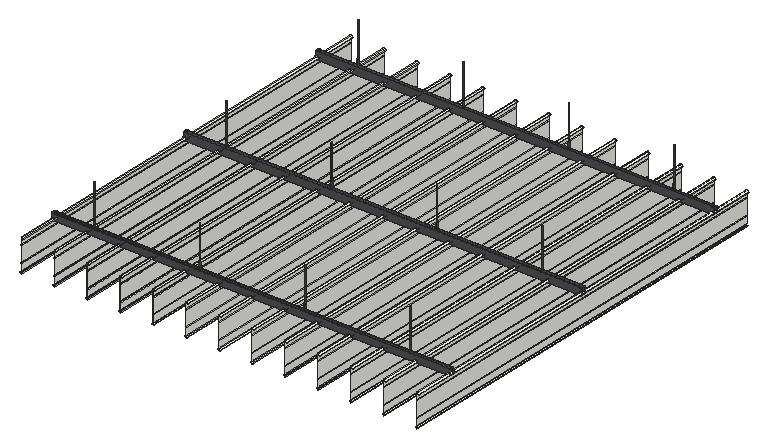
Revit family "FalsoTecho_THU_Lama-Verona", category Modelos genéricos, Revit 2016
Family settings
  Tipo de pieza = Normal
  Puede alojar armadura = No
  Cota de conector redondo = Diámetro de uso
  Número OmniClass = 23.35.70.24.11.17.14.11
  Título OmniClass = Metal Linear Ceilings
  Se basa en plano de trabajo = Sí
  Siempre vertical = No
  Corte con vacíos al cargar = Sí
  Compartido = No
  Punto de cálculo de habitación = No
Parameters (values of type "Aluminio_200mm")
  Tirantes_Separación real [instance] = (Rastrel_Longitud - (Tirante inicial_Distancia a borde * 2)) / (Tirantes_Recuento - 1)  # 639.333 mm
  Tirantes_Recuento [instance] = (Rastrel_Longitud - (Tirante inicial_Distancia a borde * 2)) / Tirante_Separación aproximada + 2  # 4
  Tirante_Separación aproximada [instance] = 1000 mm  # constant formula
  Tirante_Longitud [instance] = THU_Falso techo_Plenum altura  # 250 mm
  Tirante inicial_Distancia a borde [instance] = if(Rastrel_Longitud < 1500 mm, 25 mm, 250 mm)  # 250 mm
  THU_Velo = 1 > 2  # no
  THU_Subestructura_Material = "Acero galvanizado"
  THU_Subestructura_Color [instance] = THU_Negro-RAL9005
  THU_Reacción al fuego = "A2-s1, d0"
  THU_Rastrel = Rastrel_THU_U100 : 3.00x0.56x0.34
  THU_Lama_Material = "Aluminio"
  THU_Lama_Color [instance] = THU_Blanco-RAL9010
  THU_Lama = Lama_THU_Verona : Aluminio_200mm
  THU_Falso techo_Área [instance] = Lama_Longitud * Rastrel_Longitud  # 6.045 m²
  THU_Falso techo_Plenum altura [instance] = 250 mm
  THU_Falso techo_Longitud [instance] = 2500 mm
  THU_Falso techo_Anchura [instance] = 2500 mm
  THU_Falso techo_Altura libre [instance] = 2500 mm
  THU_Acabado = Acabado_THU_Lama-Verona : Liso
  Solape vertical_Lama y rastrel = 15 mm  # constant formula
  Rastreles_Separación [instance] = if(Lama_Longitud < 1000 mm, Lama_Longitud - 26 mm, 1000 mm)  # 1000 mm
  Rastreles_Recuento (ml) [instance] = Rastrel_Longitud * Rastreles_Recuento  # 7254 mm
  Rastreles_Recuento [instance] = if((THU_Falso techo_Longitud / Rastreles_Separación) < 2, 2, THU_Falso techo_Longitud / Rastreles_Separación)  # 3
  Rastrel_Longitud [instance] = Falso techo_Anchura aprox  # 2418 mm
  Rastrel_Anchura = 26 mm  # constant formula
  Rastrel_Altura = 41 mm  # constant formula
  Rastrel Inicial/Final_Separación [instance] = (THU_Falso techo_Longitud - (Rastreles_Separación * (Rastreles_Recuento - 1))) / 2  # 250 mm
  Página web del producto = "http://thu.es/producto/lama-verona/"
  Página web del fabricante = "http://thu.es/"
  País de fabricación = "España"
  País de diseño = "España"
  Paso de troquelado 50 [instance] = no
  Paso de troquelado 200 [instance] = yes
  Paso de troquelado 150 [instance] = no
  Paso de troquelado 100 [instance] = no
  Omniclass = "23.35.70.24.11.17.14.11"
  Número de edición (versión) = 1
  Nombre del objeto = "Lama Verona"
  NBS Reference Description = "Board suspended ceiling system"
  NBS Reference = "20-10-10/110"
  Marca = "THU"
  Manual de montaje = "http://thu.es/wp-content/uploads/manuals/MM-Techos-Lamas-Verona.pdf"
  Lamas_Separación [instance] = if(Paso de troquelado 50, 50 mm, if(Paso de troquelado 100, 100 mm, if(Paso de troquelado 150, 150 mm, if(Paso de troquelado 200, 200 mm, 200 mm))))  # 200 mm
  Lamas_Recuento (ml) [instance] = THU_Falso techo_Longitud * Lamas_Recuento  # 32500 mm
  Lamas_Recuento [instance] = THU_Falso techo_Anchura / Lamas_Separación  # 13
  Lama_Longitud [instance] = THU_Falso techo_Longitud  # 2500 mm
  Lama_Anchura = 18 mm
  Lama_Altura = 200 mm
  Lama Verona 50 = no
  Lama Verona 200 = yes
  Lama Verona 150 = no
  Lama Verona 100 = no
  IFC Classification = "Ceiling"
  Grupo del producto = "Lamas"
  Ficha técnica = "http://thu.es/wp-content/uploads/datasheets/ft-lamas-verona-thu.pdf"
  Ficha resumen = "http://thu.es/wp-content/uploads/datasheets/THU_Techos_metalicos_Lama_Verona.pdf"
  Fecha de publicación del objeto BIM = ""
  Famila del producto = "Techos metálicos"
  Falso techo_Grosor = Lama_Altura + Rastrel_Altura  # 241 mm
  Falso techo_Anchura aprox [instance] = Lamas_Separación * (Lamas_Recuento - 1) + Lama_Anchura  # 2418 mm
  Fabricante = "THU Perfil S.L."
  Default Elevation = 0 mm
  Descripción = "Falso techo metálico formado por lamas de aluminio prelacadas, encajadas en rastreles de paso de troquelado de 50 mm y colgadas del forjado superior mediante un sistema de varillas roscadas. Existe tres tipos de lama Verona según su altura en mm: Verona 100 y 150. Las lamas Verona tienen la peculiaridad de ir montadas en posición vertical al contrario que el resto del tipo de lamas formando un falso techo decorativo muy abierto."
  Declaración de prestaciones = "http://thu.es/wp-content/uploads/declarations/dp_lamas_verona.pdf"
  Comentarios de tipo = "Lamas Verona para techo suspendido, para ser montadas en interior de edificios con rastreles Veneto lacado en negro."
  COBie Type Category = "L387 : Suspended ceilings"
Types (4, lengths in mm): name | Tirantes_Separación real | THU_Lama | THU_Falso techo_Área | Rastreles_Recuento (ml) | Rastrel_Longitud | Paso de troquelado 50 | Paso de troquelado 200 | Paso de troquelado 150 | Paso de troquelado 100 | Lamas_Separación | Lamas_Recuento (ml) | Lamas_Recuento | Lama_Anchura | Lama_Altura | Lama Verona 50 | Lama Verona 200 | Lama Verona 150 | Lama Verona 100 | Falso techo_Grosor | Falso techo_Anchura aprox
  Aluminio_50mm | 654.2 | Lama_THU_Verona : Aluminio_50mm | 6.1565 m² | 7387.8 | 2462.6 | yes | no | no | no | 50 | 125000 | 50 | 12.6 | 50 | yes | no | no | no | 91 | 2462.6
  Aluminio_150mm | 639.333 | Lama_THU_Verona : Aluminio_150mm | 6.045 m² | 7254 | 2418 | no | no | yes | no | 150 | 42500 | 17 | 18 | 150 | no | no | yes | no | 191 | 2418
  Aluminio_100mm | 639.2 | Lama_THU_Verona : Aluminio_100mm | 6.044 m² | 7252.8 | 2417.6 | no | no | no | yes | 100 | 62500 | 25 | 17.6 | 100 | no | no | no | yes | 141 | 2417.6
  Aluminio_200mm | 639.333 | Lama_THU_Verona : Aluminio_200mm | 6.045 m² | 7254 | 2418 | no | yes | no | no | 200 | 32500 | 13 | 18 | 200 | no | yes | no | no | 241 | 2418
Reference planes
  plane 1 "Centro (Frontal/Posterior)": y = 0
  plane 2: z = 0
  plane 3 "Centro (Izquierda/Derecha)": x = 0
  plane 4 "Lamas_Límite inferior": z = 2500
  plane 5 "Rastreles_Límite inferior": z = 2685
  plane 6 "Rastreles_Límite superior": z = 2726
  plane 7 "Lamas_Límite superior": z = 2700
  plane 8 "Tirantes_Parte superior": z = 2976
  plane 9 "Falso techo_Límite derecho": x = 2500
  plane 10 "Falso techo_Límite superior": y = 2500
Dimensions and locks
  "Rastrel_Altura": plane 6 "Rastreles_Límite superior" to plane 5 "Rastreles_Límite inferior"
  "THU_Falso techo_Altura libre": level to plane 4 "Lamas_Límite inferior"
  "Lama_Altura": plane 7 "Lamas_Límite superior" to plane 4 "Lamas_Límite inferior"
  "Solape vertical_Lama y rastrel": plane 7 "Lamas_Límite superior" to plane 5 "Rastreles_Límite inferior"
  "THU_Falso techo_Plenum altura": plane 8 "Tirantes_Parte superior" to plane 6 "Rastreles_Límite superior"
  "THU_Falso techo_Longitud": plane 1 "Centro (Frontal/Posterior)" to plane 10 "Falso techo_Límite superior"
  "THU_Falso techo_Anchura": plane 3 "Centro (Izquierda/Derecha)" to plane 9 "Falso techo_Límite derecho"
  equal spacing: group 1, group 2, group 3, group 4, group 5, group 6, group 7, group 8, group 9, group 10, group 11, group 12, group 13  (x3)
  equal spacing: group 14, group 15, group 16  (x3)
  "Rastrel Inicial/Final_Separación": plane 1 "Centro (Frontal/Posterior)" to nested 14
  "Rastreles_Separación": nested 14 to nested 15
  "Lamas_Separación": nested 1 to nested 2
  aligned and locked: level to plane 2
  aligned and locked: plane 7 "Lamas_Límite superior" to nested 1  (x2)
  aligned and locked: plane 7 "Lamas_Límite superior" to nested 2
  aligned and locked: nested 14 to plane 5 "Rastreles_Límite inferior"
  aligned and locked: nested 15 to plane 5 "Rastreles_Límite inferior"
Nested families
  nested 1: "Lama_THU_Verona" at (6.378, 0, 2700), type <- "THU_Lama", Lama Verona 150 <- "Lama Verona 150", Lama Verona 200 <- "Lama Verona 200", Lama_Anchura <- "Lama_Anchura", Lama_Altura <- "Lama_Altura", Lama_Longitud <- "Lama_Longitud", THU_Color <- "THU_Lama_Color", THU_Material <- "THU_Lama_Material", Lama Verona 100 <- "Lama Verona 100", Lama Verona 50 <- "Lama Verona 50", type "Aluminio_200mm"
    with THU_Recuento (ml) 2500 mm, THU_Material "Aluminio", THU_Color THU_Blanco-RAL9010, Lama_Longitud 2500 mm, Lama_Anchura 18 mm, Lama_Altura 200 mm, Lama Verona 50 no, Lama Verona 200 yes, Lama Verona 150 no, Lama Verona 100 no
  nested 2: "Lama_THU_Verona" at (206.378, 0, 2700), type <- "THU_Lama", Lama Verona 150 <- "Lama Verona 150", Lama Verona 200 <- "Lama Verona 200", Lama_Anchura <- "Lama_Anchura", Lama_Altura <- "Lama_Altura", Lama_Longitud <- "Lama_Longitud", THU_Color <- "THU_Lama_Color", THU_Material <- "THU_Lama_Material", Lama Verona 100 <- "Lama Verona 100", Lama Verona 50 <- "Lama Verona 50", type "Aluminio_200mm"
    with THU_Recuento (ml) 2500 mm, THU_Material "Aluminio", THU_Color THU_Blanco-RAL9010, Lama_Longitud 2500 mm, Lama_Anchura 18 mm, Lama_Altura 200 mm, Lama Verona 50 no, Lama Verona 200 yes, Lama Verona 150 no, Lama Verona 100 no
  nested 3: "Lama_THU_Verona" at (406.378, 0, 2700), type <- "THU_Lama", Lama Verona 150 <- "Lama Verona 150", Lama Verona 200 <- "Lama Verona 200", Lama_Anchura <- "Lama_Anchura", Lama_Altura <- "Lama_Altura", Lama_Longitud <- "Lama_Longitud", THU_Color <- "THU_Lama_Color", THU_Material <- "THU_Lama_Material", Lama Verona 100 <- "Lama Verona 100", Lama Verona 50 <- "Lama Verona 50", type "Aluminio_200mm"
    with THU_Recuento (ml) 2500 mm, THU_Material "Aluminio", THU_Color THU_Blanco-RAL9010, Lama_Longitud 2500 mm, Lama_Anchura 18 mm, Lama_Altura 200 mm, Lama Verona 50 no, Lama Verona 200 yes, Lama Verona 150 no, Lama Verona 100 no
  nested 4: "Lama_THU_Verona" at (606.378, 0, 2700), type <- "THU_Lama", Lama Verona 150 <- "Lama Verona 150", Lama Verona 200 <- "Lama Verona 200", Lama_Anchura <- "Lama_Anchura", Lama_Altura <- "Lama_Altura", Lama_Longitud <- "Lama_Longitud", THU_Color <- "THU_Lama_Color", THU_Material <- "THU_Lama_Material", Lama Verona 100 <- "Lama Verona 100", Lama Verona 50 <- "Lama Verona 50", type "Aluminio_200mm"
    with THU_Recuento (ml) 2500 mm, THU_Material "Aluminio", THU_Color THU_Blanco-RAL9010, Lama_Longitud 2500 mm, Lama_Anchura 18 mm, Lama_Altura 200 mm, Lama Verona 50 no, Lama Verona 200 yes, Lama Verona 150 no, Lama Verona 100 no
  nested 5: "Lama_THU_Verona" at (806.378, 0, 2700), type <- "THU_Lama", Lama Verona 150 <- "Lama Verona 150", Lama Verona 200 <- "Lama Verona 200", Lama_Anchura <- "Lama_Anchura", Lama_Altura <- "Lama_Altura", Lama_Longitud <- "Lama_Longitud", THU_Color <- "THU_Lama_Color", THU_Material <- "THU_Lama_Material", Lama Verona 100 <- "Lama Verona 100", Lama Verona 50 <- "Lama Verona 50", type "Aluminio_200mm"
    with THU_Recuento (ml) 2500 mm, THU_Material "Aluminio", THU_Color THU_Blanco-RAL9010, Lama_Longitud 2500 mm, Lama_Anchura 18 mm, Lama_Altura 200 mm, Lama Verona 50 no, Lama Verona 200 yes, Lama Verona 150 no, Lama Verona 100 no
  nested 6: "Lama_THU_Verona" at (1006.378, 0, 2700), type <- "THU_Lama", Lama Verona 150 <- "Lama Verona 150", Lama Verona 200 <- "Lama Verona 200", Lama_Anchura <- "Lama_Anchura", Lama_Altura <- "Lama_Altura", Lama_Longitud <- "Lama_Longitud", THU_Color <- "THU_Lama_Color", THU_Material <- "THU_Lama_Material", Lama Verona 100 <- "Lama Verona 100", Lama Verona 50 <- "Lama Verona 50", type "Aluminio_200mm"
    with THU_Recuento (ml) 2500 mm, THU_Material "Aluminio", THU_Color THU_Blanco-RAL9010, Lama_Longitud 2500 mm, Lama_Anchura 18 mm, Lama_Altura 200 mm, Lama Verona 50 no, Lama Verona 200 yes, Lama Verona 150 no, Lama Verona 100 no
  nested 7: "Lama_THU_Verona" at (1206.378, 0, 2700), type <- "THU_Lama", Lama Verona 150 <- "Lama Verona 150", Lama Verona 200 <- "Lama Verona 200", Lama_Anchura <- "Lama_Anchura", Lama_Altura <- "Lama_Altura", Lama_Longitud <- "Lama_Longitud", THU_Color <- "THU_Lama_Color", THU_Material <- "THU_Lama_Material", Lama Verona 100 <- "Lama Verona 100", Lama Verona 50 <- "Lama Verona 50", type "Aluminio_200mm"
    with THU_Recuento (ml) 2500 mm, THU_Material "Aluminio", THU_Color THU_Blanco-RAL9010, Lama_Longitud 2500 mm, Lama_Anchura 18 mm, Lama_Altura 200 mm, Lama Verona 50 no, Lama Verona 200 yes, Lama Verona 150 no, Lama Verona 100 no
  nested 8: "Lama_THU_Verona" at (1406.378, 0, 2700), type <- "THU_Lama", Lama Verona 150 <- "Lama Verona 150", Lama Verona 200 <- "Lama Verona 200", Lama_Anchura <- "Lama_Anchura", Lama_Altura <- "Lama_Altura", Lama_Longitud <- "Lama_Longitud", THU_Color <- "THU_Lama_Color", THU_Material <- "THU_Lama_Material", Lama Verona 100 <- "Lama Verona 100", Lama Verona 50 <- "Lama Verona 50", type "Aluminio_200mm"
    with THU_Recuento (ml) 2500 mm, THU_Material "Aluminio", THU_Color THU_Blanco-RAL9010, Lama_Longitud 2500 mm, Lama_Anchura 18 mm, Lama_Altura 200 mm, Lama Verona 50 no, Lama Verona 200 yes, Lama Verona 150 no, Lama Verona 100 no
  nested 9: "Lama_THU_Verona" at (1606.378, 0, 2700), type <- "THU_Lama", Lama Verona 150 <- "Lama Verona 150", Lama Verona 200 <- "Lama Verona 200", Lama_Anchura <- "Lama_Anchura", Lama_Altura <- "Lama_Altura", Lama_Longitud <- "Lama_Longitud", THU_Color <- "THU_Lama_Color", THU_Material <- "THU_Lama_Material", Lama Verona 100 <- "Lama Verona 100", Lama Verona 50 <- "Lama Verona 50", type "Aluminio_200mm"
    with THU_Recuento (ml) 2500 mm, THU_Material "Aluminio", THU_Color THU_Blanco-RAL9010, Lama_Longitud 2500 mm, Lama_Anchura 18 mm, Lama_Altura 200 mm, Lama Verona 50 no, Lama Verona 200 yes, Lama Verona 150 no, Lama Verona 100 no
  nested 10: "Lama_THU_Verona" at (1806.378, 0, 2700), type <- "THU_Lama", Lama Verona 150 <- "Lama Verona 150", Lama Verona 200 <- "Lama Verona 200", Lama_Anchura <- "Lama_Anchura", Lama_Altura <- "Lama_Altura", Lama_Longitud <- "Lama_Longitud", THU_Color <- "THU_Lama_Color", THU_Material <- "THU_Lama_Material", Lama Verona 100 <- "Lama Verona 100", Lama Verona 50 <- "Lama Verona 50", type "Aluminio_200mm"
    with THU_Recuento (ml) 2500 mm, THU_Material "Aluminio", THU_Color THU_Blanco-RAL9010, Lama_Longitud 2500 mm, Lama_Anchura 18 mm, Lama_Altura 200 mm, Lama Verona 50 no, Lama Verona 200 yes, Lama Verona 150 no, Lama Verona 100 no
  nested 11: "Lama_THU_Verona" at (2006.378, 0, 2700), type <- "THU_Lama", Lama Verona 150 <- "Lama Verona 150", Lama Verona 200 <- "Lama Verona 200", Lama_Anchura <- "Lama_Anchura", Lama_Altura <- "Lama_Altura", Lama_Longitud <- "Lama_Longitud", THU_Color <- "THU_Lama_Color", THU_Material <- "THU_Lama_Material", Lama Verona 100 <- "Lama Verona 100", Lama Verona 50 <- "Lama Verona 50", type "Aluminio_200mm"
    with THU_Recuento (ml) 2500 mm, THU_Material "Aluminio", THU_Color THU_Blanco-RAL9010, Lama_Longitud 2500 mm, Lama_Anchura 18 mm, Lama_Altura 200 mm, Lama Verona 50 no, Lama Verona 200 yes, Lama Verona 150 no, Lama Verona 100 no
  nested 12: "Lama_THU_Verona" at (2206.378, 0, 2700), type <- "THU_Lama", Lama Verona 150 <- "Lama Verona 150", Lama Verona 200 <- "Lama Verona 200", Lama_Anchura <- "Lama_Anchura", Lama_Altura <- "Lama_Altura", Lama_Longitud <- "Lama_Longitud", THU_Color <- "THU_Lama_Color", THU_Material <- "THU_Lama_Material", Lama Verona 100 <- "Lama Verona 100", Lama Verona 50 <- "Lama Verona 50", type "Aluminio_200mm"
    with THU_Recuento (ml) 2500 mm, THU_Material "Aluminio", THU_Color THU_Blanco-RAL9010, Lama_Longitud 2500 mm, Lama_Anchura 18 mm, Lama_Altura 200 mm, Lama Verona 50 no, Lama Verona 200 yes, Lama Verona 150 no, Lama Verona 100 no
  nested 13: "Lama_THU_Verona" at (2406.378, 0, 2700), type <- "THU_Lama", Lama Verona 150 <- "Lama Verona 150", Lama Verona 200 <- "Lama Verona 200", Lama_Anchura <- "Lama_Anchura", Lama_Altura <- "Lama_Altura", Lama_Longitud <- "Lama_Longitud", THU_Color <- "THU_Lama_Color", THU_Material <- "THU_Lama_Material", Lama Verona 100 <- "Lama Verona 100", Lama Verona 50 <- "Lama Verona 50", type "Aluminio_200mm"
    with THU_Recuento (ml) 2500 mm, THU_Material "Aluminio", THU_Color THU_Blanco-RAL9010, Lama_Longitud 2500 mm, Lama_Anchura 18 mm, Lama_Altura 200 mm, Lama Verona 50 no, Lama Verona 200 yes, Lama Verona 150 no, Lama Verona 100 no
  nested 14: "Rastrel_THU_U100" at (0, 250, 2684.995) x (0, -1, 0) z (0, 0, 1), Tirante_Longitud <- "Tirante_Longitud", type <- "THU_Rastrel", Rastrel_Longitud <- "Rastrel_Longitud", Tirantes_Recuento <- "Tirantes_Recuento", Rastrel_Anchura <- "Rastrel_Anchura", Rastrel_Altura <- "Rastrel_Altura", THU_Color <- "THU_Subestructura_Color", THU_Material <- "THU_Subestructura_Material", Tirante inicial_Distancia a borde <- "Tirante inicial_Distancia a borde", type "3.00x0.56x0.34"
    with Tirantes_Recuento 4, Tirante_Longitud 250 mm, Tirante inicial_Distancia a borde 250 mm, THU_Recuento (ml) 2418 mm, THU_Material "Acero galvanizado", THU_Color THU_Negro-RAL9005, Rastrel_Longitud 2418 mm, Rastrel_Anchura 26 mm, Rastrel_Altura 41 mm
  nested 15: "Rastrel_THU_U100" at (0, 1250, 2684.995) x (0, -1, 0) z (0, 0, 1), Tirante_Longitud <- "Tirante_Longitud", type <- "THU_Rastrel", Rastrel_Longitud <- "Rastrel_Longitud", Tirantes_Recuento <- "Tirantes_Recuento", Rastrel_Anchura <- "Rastrel_Anchura", Rastrel_Altura <- "Rastrel_Altura", THU_Color <- "THU_Subestructura_Color", THU_Material <- "THU_Subestructura_Material", Tirante inicial_Distancia a borde <- "Tirante inicial_Distancia a borde", type "3.00x0.56x0.34"
    with Tirantes_Recuento 4, Tirante_Longitud 250 mm, Tirante inicial_Distancia a borde 250 mm, THU_Recuento (ml) 2418 mm, THU_Material "Acero galvanizado", THU_Color THU_Negro-RAL9005, Rastrel_Longitud 2418 mm, Rastrel_Anchura 26 mm, Rastrel_Altura 41 mm
  nested 16: "Rastrel_THU_U100" at (0, 2250, 2684.995) x (0, -1, 0) z (0, 0, 1), Tirante_Longitud <- "Tirante_Longitud", type <- "THU_Rastrel", Rastrel_Longitud <- "Rastrel_Longitud", Tirantes_Recuento <- "Tirantes_Recuento", Rastrel_Anchura <- "Rastrel_Anchura", Rastrel_Altura <- "Rastrel_Altura", THU_Color <- "THU_Subestructura_Color", THU_Material <- "THU_Subestructura_Material", Tirante inicial_Distancia a borde <- "Tirante inicial_Distancia a borde", type "3.00x0.56x0.34"
    with Tirantes_Recuento 4, Tirante_Longitud 250 mm, Tirante inicial_Distancia a borde 250 mm, THU_Recuento (ml) 2418 mm, THU_Material "Acero galvanizado", THU_Color THU_Negro-RAL9005, Rastrel_Longitud 2418 mm, Rastrel_Anchura 26 mm, Rastrel_Altura 41 mm
Definition of nested family "Lama_THU_Verona"
  Parameters (values of type "Aluminio_50mm")
    THU_Recuento (ml) [instance] = Lama_Longitud  # 1000 mm
    THU_Mediciones = 1 < 2  # yes
    THU_Material [instance] = "Aluminio"
    THU_Color [instance] = none
    Nombre del objeto = "Lama Verona 50 Aluminio"
    Lama_Longitud [instance] = 1000 mm
    Lama_Anchura [instance] = 17.414 mm
    Lama_Altura [instance] = 50 mm
    Lama Verona 50 [instance] = yes
    Lama Verona 200 [instance] = no
    Lama Verona 150 [instance] = no
    Lama Verona 100 [instance] = no
    Default Elevation = 0 mm
  Types (4, lengths in mm): name | Nombre del objeto | Lama_Altura | Lama Verona 50 | Lama Verona 200 | Lama Verona 100
    Aluminio_150mm | "Lama Verona 50 Aluminio" | 50 | yes | no | no
    Aluminio_100mm | "Lama Verona 100 Aluminio" | 100 | no | no | yes
    Aluminio_200mm | "Lama Verona 200 Aluminio" | 200 | no | yes | no
    Aluminio_50mm | "Lama Verona 50 Aluminio" | 50 | yes | no | no
  Reference planes
    plane 1 "Centro (Frontal/Posterior)": y = 0
    plane 2: z = 0
    plane 3 "Centro (Izquierda/Derecha)": x = 0
    plane 4 "Lama_Borde izquierdo": x = -6.64
    plane 5 "Lama_Borde derecho": x = 10.774
    plane 6: y = 1000
  Forms (mm)
    Extrusion 1, solid, material <- "THU_Color", visible <- "Lama Verona 150"
      sketch origin (-77.502, 0, 15.102) x (1, 0, 0) y (0, 0, 1)
        loop
          line (89.146, -23.897) -> (78.664, -15.102) -> (77.502, -15.102) -> (77.502, -56.126) -> (75.503, -59.59) -> (77.502, -63.055) -> (77.502, -102.974) -> (75.504, -106.519) -> (77.502, -110.063) -> (77.502, -149.983) -> (71.138, -156.347) -> (78.916, -164.125) -> (83.159, -159.882) -> (82.451, -159.175) -> (78.916, -162.711) -> (72.552, -156.347) -> (78.502, -150.397) -> (78.502, -109.801) -> (76.652, -106.519) -> (78.502, -103.236) -> (78.502, -62.787) -> (76.657, -59.59) -> (78.502, -56.394) -> (78.502, -16.271) -> (88.503, -24.663) -> (89.146, -23.897)
      from -1000 to 0
    Extrusion 2, solid, material <- "THU_Color", visible <- "Lama Verona 50"
      sketch origin (-125.063, 0, 37.104) x (1, 0, 0) y (0, 0, 1)
        loop
          line (136.321, -43.041) -> (126.038, -37.104) -> (125.063, -37.104) -> (125.063, -80.041) -> (123.694, -83.799) -> (126.181, -85.541) -> (126.755, -84.722) -> (124.897, -83.42) -> (126.063, -80.217) -> (126.063, -38.273) -> (135.821, -43.907) -> (136.321, -43.041)
      from -1000 to 0
    Extrusion 3, solid, material <- "THU_Color", visible <- "Lama Verona 100"
      sketch origin (-168.678, 0, 42.592) x (1, 0, 0) y (0, 0, 1)
        loop
          line (179.936, -48.529) -> (169.653, -42.592) -> (168.678, -42.592) -> (168.678, -83.948) -> (166.679, -87.495) -> (168.638, -90.887) -> (168.678, -127.957) -> (162.314, -134.321) -> (170.092, -142.099) -> (174.335, -137.857) -> (173.628, -137.149) -> (170.092, -140.685) -> (163.728, -134.321) -> (169.679, -128.371) -> (169.638, -90.619) -> (167.831, -87.489) -> (169.678, -84.211) -> (169.678, -43.761) -> (179.436, -49.395) -> (179.936, -48.529)
      from -1000 to 0
    Extrusion 4, solid, material <- "THU_Color", visible <- "Lama Verona 200"
      sketch origin (-215.442, 0, 53.831) x (1, 0, 0) y (0, 0, 1)
        loop
          line (227.086, -62.625) -> (216.605, -53.831) -> (215.442, -53.831) -> (215.442, -94.855) -> (213.443, -98.319) -> (215.442, -101.783) -> (215.442, -191.703) -> (213.445, -195.247) -> (215.442, -198.792) -> (215.442, -238.711) -> (209.078, -245.075) -> (216.857, -252.854) -> (221.099, -248.611) -> (220.392, -247.904) -> (216.857, -251.439) -> (210.493, -245.075) -> (216.442, -239.126) -> (216.442, -198.529) -> (214.593, -195.247) -> (216.442, -191.965) -> (216.442, -101.515) -> (214.598, -98.319) -> (216.442, -95.123) -> (216.442, -55) -> (226.443, -63.391) -> (227.086, -62.625)
      from -1000 to 0
  Dimensions and locks
    "Lama_Anchura": plane 5 "Lama_Borde derecho" to plane 4 "Lama_Borde izquierdo"
    "Lama_Longitud": plane 1 "Centro (Frontal/Posterior)" to plane 6
    aligned and locked: level to plane 2
    aligned and locked: plane 6 to Extrusion 3
    aligned and locked: plane 1 "Centro (Frontal/Posterior)" to Extrusion 3
    aligned and locked: plane 6 to Extrusion 1
    aligned and locked: plane 6 to Extrusion 2
    aligned and locked: plane 6 to Extrusion 4
    aligned and locked: plane 1 "Centro (Frontal/Posterior)" to Extrusion 4
    aligned and locked: plane 1 "Centro (Frontal/Posterior)" to Extrusion 1
    aligned and locked: plane 1 "Centro (Frontal/Posterior)" to Extrusion 2
  Automatic sketch dimensions
    plane 3 "Centro (Izquierda/Derecha)" to Extrusion 1 sketch curve = 0 mm  (x3)
    Extrusion 1 sketch curve to level = 0 mm
    Extrusion 1 sketch curve to plane 3 "Centro (Izquierda/Derecha)" = 0.844 mm
    Extrusion 1 sketch curve to plane 3 "Centro (Izquierda/Derecha)" = 0.849 mm
    Extrusion 1 sketch curve to Extrusion 1 sketch curve = 1.148 mm
    Extrusion 1 sketch curve to Extrusion 1 sketch curve = 1.155 mm
    plane 4 "Lama_Borde izquierdo" to Extrusion 1 sketch curve = 1.69 mm
    plane 4 "Lama_Borde izquierdo" to Extrusion 1 sketch curve = 0.276 mm
    plane 3 "Centro (Izquierda/Derecha)" to Extrusion 1 sketch curve = 1 mm  (x3)
    plane 3 "Centro (Izquierda/Derecha)" to Extrusion 1 sketch curve = 1.414 mm
    Extrusion 1 sketch curve to Extrusion 1 sketch curve = 0 mm  (x3)
    plane 3 "Centro (Izquierda/Derecha)" to Extrusion 1 sketch curve = 4.95 mm
    Extrusion 1 sketch curve to Extrusion 1 sketch curve = 0.707 mm
    plane 5 "Lama_Borde derecho" to Extrusion 1 sketch curve = 0.227 mm
    plane 5 "Lama_Borde derecho" to Extrusion 1 sketch curve = 0.87 mm
    Extrusion 1 sketch curve to level = 1.169 mm
    Extrusion 1 sketch curve to Extrusion 1 sketch curve = 31.464 mm
    Extrusion 1 sketch curve to Extrusion 1 sketch curve = 0.268 mm  (x2)
    Extrusion 1 sketch curve to Extrusion 1 sketch curve = 3.464 mm
    Extrusion 1 sketch curve to Extrusion 1 sketch curve = 3.196 mm
    Extrusion 1 sketch curve to Extrusion 1 sketch curve = 39.92 mm  (x2)
    Extrusion 1 sketch curve to Extrusion 1 sketch curve = 0.262 mm  (x2)
    Extrusion 1 sketch curve to Extrusion 1 sketch curve = 3.544 mm
    Extrusion 1 sketch curve to Extrusion 1 sketch curve = 3.282 mm
    Extrusion 1 sketch curve to Extrusion 1 sketch curve = 0.414 mm
    Extrusion 1 sketch curve to Extrusion 1 sketch curve = 1.163 mm
    Extrusion 2 sketch curve to plane 5 "Lama_Borde derecho" = 12.142 mm
    Extrusion 2 sketch curve to Extrusion 2 sketch curve = 1.202 mm
    Extrusion 2 sketch curve to Extrusion 2 sketch curve = 0.166 mm
    Extrusion 2 sketch curve to Extrusion 2 sketch curve = 1 mm
    Extrusion 2 sketch curve to Extrusion 2 sketch curve = 1.285 mm
    Extrusion 2 sketch curve to Extrusion 2 sketch curve = 0.574 mm
    Extrusion 2 sketch curve to Extrusion 2 sketch curve = 9.758 mm
    Extrusion 2 sketch curve to level = 5.937 mm
    Extrusion 2 sketch curve to Extrusion 2 sketch curve = 0.5 mm
    Extrusion 2 sketch curve to Extrusion 2 sketch curve = 36.134 mm
    Extrusion 2 sketch curve to Extrusion 2 sketch curve = 0.176 mm
    Extrusion 2 sketch curve to Extrusion 2 sketch curve = 3.38 mm
    Extrusion 2 sketch curve to Extrusion 2 sketch curve = 0.379 mm
    Extrusion 2 sketch curve to Extrusion 2 sketch curve = 0.025 mm
    Extrusion 2 sketch curve to level = 0 mm
    Extrusion 3 sketch curve to plane 5 "Lama_Borde derecho" = 17.138 mm
    Extrusion 3 sketch curve to Extrusion 3 sketch curve = 1.414 mm
    Extrusion 3 sketch curve to plane 5 "Lama_Borde derecho" = 12.773 mm
    Extrusion 3 sketch curve to Extrusion 3 sketch curve = 1.151 mm
    Extrusion 3 sketch curve to Extrusion 3 sketch curve = 0.807 mm
    Extrusion 3 sketch curve to Extrusion 3 sketch curve = 0.847 mm
    Extrusion 3 sketch curve to Extrusion 3 sketch curve = 4.95 mm
    Extrusion 3 sketch curve to Extrusion 3 sketch curve = 1 mm  (x3)
    Extrusion 3 sketch curve to Extrusion 3 sketch curve = 6.364 mm
    Extrusion 3 sketch curve to Extrusion 3 sketch curve = 0 mm
    Extrusion 3 sketch curve to Extrusion 3 sketch curve = 3.536 mm
    Extrusion 3 sketch curve to Extrusion 3 sketch curve = 0.707 mm
    Extrusion 3 sketch curve to Extrusion 3 sketch curve = 9.758 mm
    Extrusion 3 sketch curve to level = 5.937 mm
    Extrusion 3 sketch curve to Extrusion 3 sketch curve = 0.5 mm
    Extrusion 3 sketch curve to Extrusion 3 sketch curve = 34.554 mm
    Extrusion 3 sketch curve to Extrusion 3 sketch curve = 0.262 mm
    Extrusion 3 sketch curve to Extrusion 3 sketch curve = 3.541 mm
    Extrusion 3 sketch curve to Extrusion 3 sketch curve = 0.006 mm
    Extrusion 3 sketch curve to Extrusion 3 sketch curve = 3.13 mm
    Extrusion 3 sketch curve to Extrusion 3 sketch curve = 0.268 mm
    Extrusion 3 sketch curve to Extrusion 3 sketch curve = 37.069 mm
    Extrusion 3 sketch curve to Extrusion 3 sketch curve = 0.414 mm
    Extrusion 3 sketch curve to Extrusion 3 sketch curve = 0.025 mm
    Extrusion 3 sketch curve to level = 0 mm
    Extrusion 4 sketch curve to plane 5 "Lama_Borde derecho" = 17.138 mm
    Extrusion 4 sketch curve to Extrusion 4 sketch curve = 1.414 mm
    Extrusion 4 sketch curve to plane 5 "Lama_Borde derecho" = 12.773 mm
    Extrusion 4 sketch curve to plane 5 "Lama_Borde derecho" = 12.771 mm
    Extrusion 4 sketch curve to Extrusion 4 sketch curve = 1.148 mm
    Extrusion 4 sketch curve to Extrusion 4 sketch curve = 1.155 mm
    Extrusion 4 sketch curve to Extrusion 4 sketch curve = 0.849 mm  (x2)
    Extrusion 4 sketch curve to level = 0 mm
    Extrusion 4 sketch curve to Extrusion 4 sketch curve = 1 mm  (x3)
    Extrusion 4 sketch curve to Extrusion 4 sketch curve = 6.364 mm
    Extrusion 4 sketch curve to Extrusion 4 sketch curve = 0 mm  (x3)
    Extrusion 4 sketch curve to Extrusion 4 sketch curve = 3.536 mm
    Extrusion 4 sketch curve to Extrusion 4 sketch curve = 0.707 mm
    Extrusion 4 sketch curve to level = 9.561 mm
    Extrusion 4 sketch curve to Extrusion 4 sketch curve = 10.001 mm
    Extrusion 4 sketch curve to level = 8.795 mm
    Extrusion 4 sketch curve to Extrusion 4 sketch curve = 31.464 mm
    Extrusion 4 sketch curve to Extrusion 4 sketch curve = 0.268 mm  (x2)
    Extrusion 4 sketch curve to Extrusion 4 sketch curve = 3.464 mm
    Extrusion 4 sketch curve to Extrusion 4 sketch curve = 3.196 mm
    Extrusion 4 sketch curve to Extrusion 4 sketch curve = 89.92 mm
    Extrusion 4 sketch curve to Extrusion 4 sketch curve = 0.262 mm  (x2)
    Extrusion 4 sketch curve to Extrusion 4 sketch curve = 3.544 mm
    Extrusion 4 sketch curve to Extrusion 4 sketch curve = 3.282 mm
    Extrusion 4 sketch curve to Extrusion 4 sketch curve = 39.92 mm
    Extrusion 4 sketch curve to Extrusion 4 sketch curve = 0.414 mm
    Extrusion 4 sketch curve to Extrusion 4 sketch curve = 0.163 mm
    Extrusion 4 sketch curve to Extrusion 4 sketch curve = 0.844 mm
Definition of nested family "Rastrel_THU_U100"
  Parameters (values of type "3.00x0.56x0.34")
    Tirantes_Recuento [instance] = 2
    Tirante_Longitud [instance] = 250 mm
    Tirante inicial_Distancia a borde [instance] = 100 mm
    THU_Recuento (ml) [instance] = Rastrel_Longitud  # 1000 mm
    THU_Mediciones = 1 < 2  # yes
    THU_Material [instance] = "Acero galvanizado"
    THU_Color [instance] = none
    Rastrel_Longitud [instance] = 1000 mm
    Rastrel_Anchura [instance] = 26 mm
    Rastrel_Altura [instance] = 41 mm
    Nombre del objeto = "Rastrel U-100"
    Default Elevation = 0 mm
  Reference planes
    plane 1 "Centro (Frontal/Posterior)": y = 0
    plane 2: z = 0
    plane 3 "Centro (Izquierda/Derecha)": x = 0
    plane 4 "Rastrel_Cara superior": z = 41
    plane 5 "Rastrel_Cara izquierda": x = -13.003
    plane 6 "Rastrel_Cara derecha": x = 12.997
  Forms (mm)
    Extrusion 1, solid, material <- "THU_Color", detail levels medium+fine
      sketch origin (1.701, 0, 0) x (1, 0, 0) y (0, 0, 1)
        loop
          arc (7.821, 40.131) -> (7.485, 40.814) -> (6.776, 41.089) r 1.049
          line (6.776, 41.089) -> (-10.248, 41.089)
          arc (-10.248, 41.089) -> (-10.898, 40.837) -> (-11.206, 40.211) r 0.961
          line (-11.206, 40.211) -> (-14.704, 0.005) -> (-13.7, 0.005) -> (-10.255, 39.607)
          arc (-10.255, 39.607) -> (-10.086, 39.951) -> (-9.729, 40.089) r 0.528
          line (-9.729, 40.089) -> (6.327, 40.089)
          arc (6.327, 40.089) -> (6.691, 39.948) -> (6.864, 39.597) r 0.539
          line (6.864, 39.597) -> (10.308, 0.005) -> (11.312, 0.005) -> (7.821, 40.131)
      from -1000 to 0
  Dimensions and locks
    "Rastrel_Longitud": plane 1 "Centro (Frontal/Posterior)" to Extrusion 1
    "Rastrel_Altura": plane 4 "Rastrel_Cara superior" to level
    locked: Extrusion 1 sketch curve to Extrusion 1 sketch curve at 1  (x3)
    "Tirante inicial_Distancia a borde": plane 1 "Centro (Frontal/Posterior)" to nested 1
    group 1 to group 2 = 0 mm
    group 1 to group 2 = 800 mm
    group 2 to group 1 = 0 mm
    "Tirante inicial_Distancia a borde": nested 2 to Extrusion 1
    "Rastrel_Anchura": plane 5 "Rastrel_Cara izquierda" to plane 6 "Rastrel_Cara derecha"
    aligned and locked: level to plane 2
    aligned and locked: plane 1 "Centro (Frontal/Posterior)" to Extrusion 1
    aligned and locked: Extrusion 1 to plane 1 "Centro (Frontal/Posterior)"
    aligned and locked: plane 3 "Centro (Izquierda/Derecha)" to nested 1
    aligned and locked: plane 4 "Rastrel_Cara superior" to Extrusion 1
    aligned and locked: plane 3 "Centro (Izquierda/Derecha)" to nested 2
  Automatic sketch dimensions
    Extrusion 1 sketch curve to plane 3 "Centro (Izquierda/Derecha)" = 9.505 mm
    Extrusion 1 sketch curve to Extrusion 1 sketch curve = 0.951 mm
    Extrusion 1 sketch curve to Extrusion 1 sketch curve = 0.006 mm
    Extrusion 1 sketch curve to Extrusion 1 sketch curve = 0.519 mm
    plane 3 "Centro (Izquierda/Derecha)" to Extrusion 1 sketch curve = 8.028 mm
    Extrusion 1 sketch curve to Extrusion 1 sketch curve = 0.449 mm
    Extrusion 1 sketch curve to Extrusion 1 sketch curve = 0.088 mm
    level to Extrusion 1 sketch curve = 0.005 mm  (x2)
    Extrusion 1 sketch curve to Extrusion 1 sketch curve = 0.011 mm
    Extrusion 1 sketch curve to Extrusion 1 sketch curve = 0.047 mm
    Extrusion 1 sketch curve to Extrusion 1 sketch curve = 0.443 mm
    Extrusion 1 sketch curve to Extrusion 1 sketch curve = 0.521 mm
    Extrusion 1 sketch curve to Extrusion 1 sketch curve = 0.091 mm
    Extrusion 1 sketch curve to plane 3 "Centro (Izquierda/Derecha)" = 11.999 mm
  Nested families
    nested 1: "Tirantes_THU" at (0, 100, 41), Tirante_Longitud <- "Tirante_Longitud", Tirante_Material <- "THU_Color", type "Tirante - Rastreles", detail levels fine
      with Tirante_Material none, Tirante_Longitud 250 mm
    nested 2: "Tirantes_THU" at (0, 900, 37), Tirante_Longitud <- "Tirante_Longitud", Tirante_Material <- "THU_Color", type "Tirante - Rastreles", detail levels fine
      with Tirante_Material none, Tirante_Longitud 250 mm
  Definition of nested family "Tirantes_THU"
    Parameters (values of type "Tirante - Perfil triangular")
      Tirante_Material [instance] = none
      Tirante_Longitud [instance] = 250 mm
      Pieza de cuelgue_Altura = 20 mm
      Pieza de cualgue_Anchura = 26 mm
      Perfiles = no
      Perfil triangular = yes
      Rastreles = no
      Default Elevation = 0 mm
    Types (3, lengths in mm): name | Pieza de cuelgue_Altura | Pieza de cualgue_Anchura | Perfiles | Perfil triangular | Rastreles
      Tirante - Rastreles | 40 | 10 | no | no | yes
      Tirante - Perfil triangular | 20 | 26 | no | yes | no
      Tirante - Perfiles | 20 | 10.5 | yes | no | no
    Reference planes
      plane 1 "Centro (Frontal/Posterior)": y = 0
      plane 2: z = 0
      plane 3 "Centro (Izquierda/Derecha)": x = 0
      plane 4 "Perfil_Cara superior": z = 20
      plane 5 "Tirantes_Límite superior": z = 250
      plane 6 "Pieza de cuelgue_Lateral izquierdo": x = -13
      plane 7 "Pieza de cuelgue_Lateral derecho": x = 13
    Forms (mm)
      Extrusion 1, solid, material <- "Tirante_Material"
        sketch origin (0, 0, 0) x (1, 0, 0) y (0, 1, 0)
          loop
            circle (0, 0) r 1.5
        from 20 to 250
      Extrusion 2, solid, material <- "Tirante_Material", visible <- "Perfiles"
        sketch origin (0, 0, 0) x (1, 0, 0) y (0, 0, 1)
          loop
            line (-13, 20) -> (-13, 0) -> (-8.759, 0) -> (-8.759, 2) -> (-10.518, 2) -> (-10.518, 11) -> (10.518, 11) -> (10.518, 2) -> (8.759, 2) -> (8.759, 0) -> (13, 0) -> (13, 20) -> (-13, 20)
        from -1 to 1
      Extrusion 3, solid, material <- "Tirante_Material", visible <- "Perfil triangular"
        sketch origin (0, 0, 0) x (1, 0, 0) y (0, 0, 1)
          loop
            line (0, 20) -> (-13, 20) -> (-13, 18) -> (-1, 18) -> (-1, 2.022) -> (-13, 2.022) -> (-13, 0) -> (0, 0) -> (13, 0) -> (13, 2.022) -> (1, 2.022) -> (1, 18) -> (13, 18) -> (13, 20) -> (0, 20)
        from -7.5 to 7.5
      Extrusion 4, solid, material <- "Tirante_Material", visible <- "Rastreles"
        sketch origin (0, 0, 0) x (1, 0, 0) y (0, 0, 1)
          loop
            line (-13, 0) -> (13, 0) -> (13, 20) -> (-13, 20) -> (-13, 0)
        from -1 to 1
    Dimensions and locks
      equal spacing: Extrusion 2, plane 1 "Centro (Frontal/Posterior)", Extrusion 2
      "Tirante_Longitud": plane 5 "Tirantes_Límite superior" to level
      "Pieza de cuelgue_Altura": plane 4 "Perfil_Cara superior" to level
      "Pieza de cualgue_Anchura": plane 7 "Pieza de cuelgue_Lateral derecho" to plane 6 "Pieza de cuelgue_Lateral izquierdo"
      equal spacing: plane 7 "Pieza de cuelgue_Lateral derecho", plane 3 "Centro (Izquierda/Derecha)", plane 6 "Pieza de cuelgue_Lateral izquierdo"
      locked: Extrusion 2 sketch curve to Extrusion 2 sketch curve at 2.482  (x2)
      locked: Extrusion 2 sketch curve to Extrusion 2 sketch curve at 9
      locked: Extrusion 2 sketch curve to Extrusion 2 sketch curve at 4.241  (x2)
      locked: Extrusion 3 sketch curve to Extrusion 3 sketch curve at 2  (x2)
      locked: Extrusion 3 sketch curve to Extrusion 3 sketch curve at 2.022
      aligned and locked: level to plane 2
      aligned and locked: plane 5 "Tirantes_Límite superior" to Extrusion 1
      aligned and locked: Extrusion 1 to plane 4 "Perfil_Cara superior"
      aligned and locked: Extrusion 1 to Extrusion 2
      aligned and locked: Extrusion 2 to level
      aligned and locked: Extrusion 3 sketch curve to Extrusion 3 sketch curve  (x4)
      aligned and locked: plane 4 "Perfil_Cara superior" to Extrusion 4 sketch curve
      aligned and locked: plane 7 "Pieza de cuelgue_Lateral derecho" to Extrusion 4 sketch curve
      aligned and locked: Extrusion 4 sketch curve to plane 6 "Pieza de cuelgue_Lateral izquierdo"
      aligned and locked: plane 6 "Pieza de cuelgue_Lateral izquierdo" to Extrusion 2 sketch curve
      aligned and locked: Extrusion 3 sketch curve to plane 7 "Pieza de cuelgue_Lateral derecho"
      aligned and locked: Extrusion 3 sketch curve to plane 6 "Pieza de cuelgue_Lateral izquierdo"
      aligned and locked: Extrusion 2 sketch curve to Extrusion 2 sketch curve
    Automatic sketch dimensions
      plane 1 "Centro (Frontal/Posterior)" to Extrusion 1 sketch curve = 0 mm
      Extrusion 1 sketch curve to plane 3 "Centro (Izquierda/Derecha)" = 0 mm
      Extrusion 2 sketch curve to level = 0 mm  (x2)
      Extrusion 2 sketch curve to plane 4 "Perfil_Cara superior" = 0 mm
      level to Extrusion 2 sketch curve = 2 mm
      Extrusion 3 sketch curve to plane 4 "Perfil_Cara superior" = 0 mm
      Extrusion 3 sketch curve to level = 0 mm
      Extrusion 3 sketch curve to plane 3 "Centro (Izquierda/Derecha)" = 0 mm  (x2)
      plane 3 "Centro (Izquierda/Derecha)" to Extrusion 3 sketch curve = 1 mm
      Extrusion 2 sketch curve to plane 7 "Pieza de cuelgue_Lateral derecho" = 0 mm
      Extrusion 4 sketch curve to level = 0 mm
      radius of Extrusion 1 sketch curve = 1.5 mm
